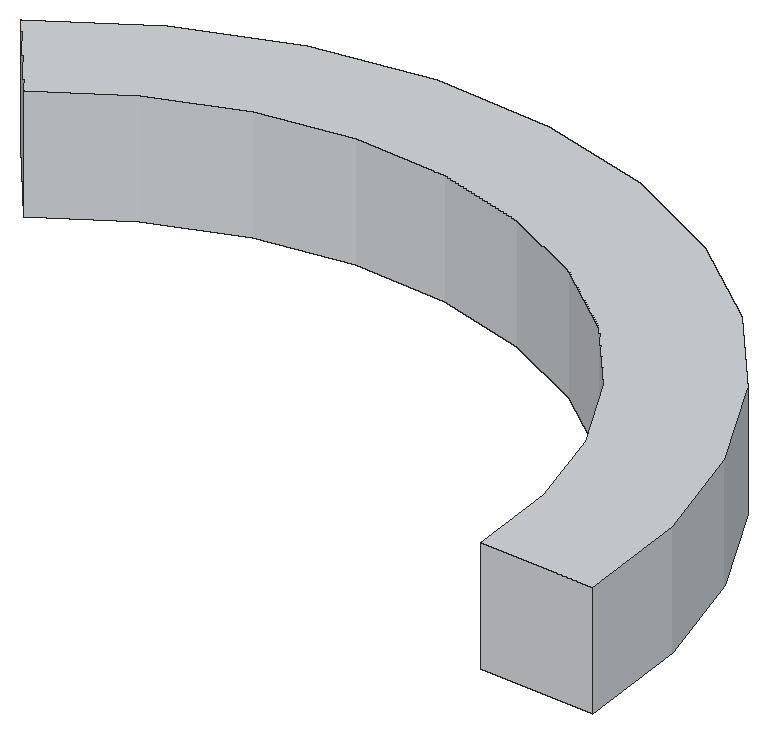
Revit family "DuctFitting_Rectangle_Elbow", category Duct Fittings, Revit 2020
Family settings
  Round Connector Dimension = Use Diameter
  Part Type = Elbow
  Work Plane-Based = No
  Always vertical = Yes
  Cut with Voids When Loaded = No
  Shared = No
Parameters
  円脈長さ [instance] = (pi() * (Radius) * (Angle)) / 180.00°  # 3516.838 mm
  Width [instance] = 350 mm
  Radius [instance] = 1550 mm
  Height [instance] = 350 mm
  Default Elevation = 0 mm
  Angle [instance] = 130.00°
Reference planes
  plane 1 "Center (Front/Back)": y = 0
  plane 2: z = 0
  plane 3 "Center (Left/Right)": x = 0
Forms (mm)
  Sweep 1, solid
    path in 3D
      loop
        arc (0, 0, 0) -> (-894.942, 1404.777, 0) -> (-2546.321, 1187.369, 0) r 1550
    profile "Duct Profile : Duct Profile" origin (-894.942, 1404.777, 0) x (-0.422618, -0.906308, 0) y (0, 0, 1)
      loop
        line (-175, 175) -> (-175, -175) -> (175, -175) -> (175, 175) -> (-175, 175)
Lines and regions (mm)
  model lines
    curve 1: arc (0, 0, 0) -> (-894.942, 1404.777, 0) -> (-2546.321, 1187.369, 0) r 1550
  sketch lines
    curve 2: arc (0, 0, 0) -> (-894.942, 1404.777, 0) -> (-2546.321, 1187.369, 0) r 1550
Dimensions and locks
  "Radius": radius of curve 1
  "Angle": angle curve 1 to curve 1
  aligned and locked: level to plane 2
  aligned and locked: plane 3 "Center (Left/Right)" to curve 1
Automatic sketch dimensions
  plane 1 "Center (Front/Back)" to curve 1 = 0 mm
Connectors
  hvac at (-2546.321, 1187.369, 0), driven by "Height", driven by "Width"
    settings: on Sweep 1, index 1, duct flow 0.0 L/s, flow factor 0, pres drop 0.0 Pa, loss coef 0, conn angle 0.00°, conn width 350 mm, conn height 350 mm, conn diameter 609.6 mm, duct sys type 1, conn prof type 1, flow config 0, flow direction 0, loss method 0, conn ref index -1, conn util no, is conn primary yes, conn desc ""
  hvac at (0, 0, 0), driven by "Height", driven by "Width"
    settings: on Sweep 1, index 2, duct flow 0.0 L/s, flow factor 0, pres drop 0.0 Pa, loss coef 0, conn angle 0.00°, conn width 350 mm, conn height 350 mm, conn diameter 609.6 mm, duct sys type 1, conn prof type 1, flow config 0, flow direction 0, loss method 0, conn ref index -1, conn util no, is conn primary no, conn desc ""
